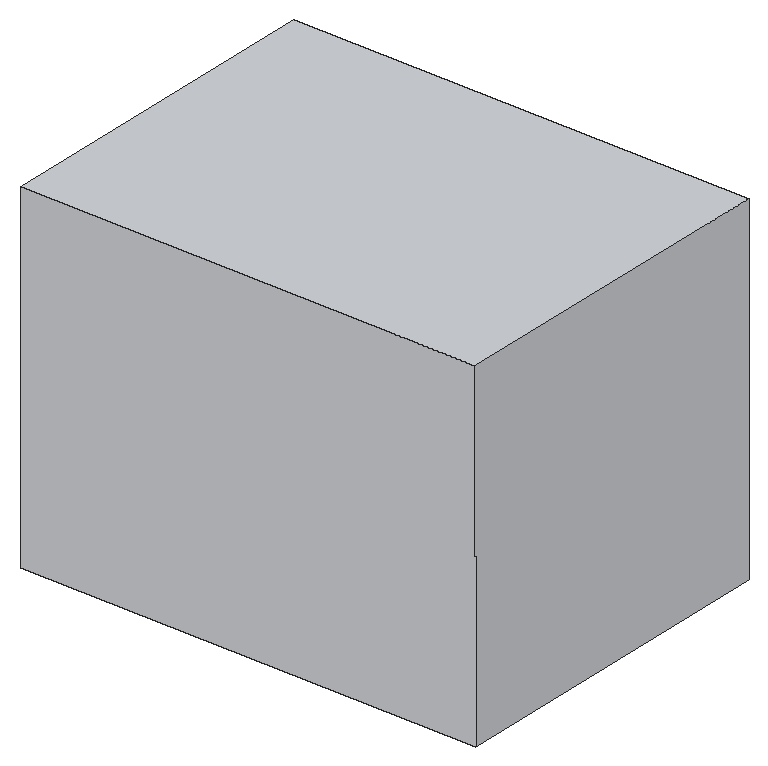
Revit family "M_Rectangular Takeoff", category Duct Fittings, Revit 2014
Parameters (values of type "Standard")
  Duct Width 2 [instance] = 304.8 mm
  Duct Width 1 [instance] = Duct Width 2  # 304.8 mm
  built-in parameter 1114215 [instance] = if(Duct Width 2 > 406.4 mm, Duct Width 2 * Length Multiplier, 101.6 mm)  # 0.33333 (stored number, unit not read)
  Length Multiplier [instance] = 0.25
  Duct Height 2 [instance] = 304.8 mm
  Duct Height 1 [instance] = Duct Height 2  # 304.8 mm
  built-in parameter 1114214 [instance] = 304.8 mm
  built-in parameter 1114213 [instance] = 101.6 mm
  Assembly Code = ""
Reference planes
  plane 1 "Center (Front/Back)": y = 0
  plane 2: z = 0
  plane 3 "Center (Left/Right)": x = 0
  plane 4: x = 101.6
  plane 5: x = -304.8
  plane 6: z = 152.4
  plane 7: z = -152.4
  plane 8: y = -152.4
  plane 9: y = 152.4
Forms (mm)
  Blend 1, solid, detail levels medium+fine
    base sketch origin (0, 0, 0) x (0, 1, 0) y (0, 0, 1)
      loop
        line (-152.4, 152.4) -> (-152.4, -152.4) -> (152.4, -152.4) -> (152.4, 152.4) -> (-152.4, 152.4)
    top sketch origin (0, 0, 0) x (0, 1, 0) y (0, 0, 1)
      loop
        line (-152.4, 152.4) -> (-152.4, -152.4) -> (152.4, -152.4) -> (152.4, 152.4) -> (-152.4, 152.4)
    from 0 to 101.6
  Sweep 2, solid, detail levels medium+fine
    path in 3D
      loop
        line (-304.8, 0, 0) -> (0, 0, 0)
    profile "M_Duct - Rectangular : Duct - Rectangular" origin (-152.4, 0, 0) x (0, 1, 0) y (0, 0, 1)
      loop
        line (-152.4, 152.4) -> (-152.4, -152.4) -> (152.4, -152.4) -> (152.4, 152.4) -> (-152.4, 152.4)
Cuts and joins
  joined: Blend 1, Sweep 2
Lines and regions (mm)
  model lines, style "DuctFitting", not visible, detail levels coarse
    curve 1: line (0, 0, 0) -> (101.6, 0, 0)
  reference lines
    curve 2: line (-304.8, 0, 0) -> (0, 0, 0)
  sketch lines
    curve 3: line (-304.8, 0, 0) -> (0, 0, 0)
Dimensions and locks
  "built-in parameter 1114213": plane 3 "Center (Left/Right)" to plane 4
  "built-in parameter 1114214": plane 5 to plane 3 "Center (Left/Right)"
  equal spacing: plane 6, level, plane 7
  equal spacing: plane 9, plane 1 "Center (Front/Back)", plane 8
  "Duct Width 1": plane 9 to plane 8
  "Duct Height 1": plane 6 to plane 7
  aligned and locked: plane 3 "Center (Left/Right)" to curve 1
  aligned and locked: plane 1 "Center (Front/Back)" to curve 1
  aligned and locked: plane 4 to Blend 1
  aligned and locked: Blend 1 to plane 3 "Center (Left/Right)"
  aligned and locked: plane 3 "Center (Left/Right)" to curve 2
  aligned and locked: plane 5 to curve 2
  aligned and locked: plane 1 "Center (Front/Back)" to curve 2
  aligned and locked: plane 6 to Blend 1 sketch curve  (x2)
  aligned and locked: plane 8 to Blend 1 sketch curve  (x2)
  aligned and locked: Blend 1 sketch curve to plane 7  (x2)
  aligned and locked: Blend 1 sketch curve to plane 9  (x2)
Automatic sketch dimensions
  curve 1 to plane 4 = 0 mm
Connectors
  hvac at (0, 0, 0), driven by "Duct Height 1", driven by "Duct Width 1"
    settings: on plane 3 "Center (Left/Right)", index 0, duct flow 0.0 L/s, flow factor 0, pres drop 0.0 Pa, loss coef 0, conn angle 0.00°, conn width 304.8 mm, conn height 304.8 mm, conn diameter 609.6 mm, duct sys type 28, conn prof type 1, flow config 0, flow direction 0, loss method 0, conn ref index 1, conn util no, is conn primary yes, conn desc ""
  hvac at (101.6, 0, 0), driven by "Duct Height 2", driven by "Duct Width 2"
    settings: on Blend 1, index 1, duct flow 0.0 L/s, flow factor 0, pres drop 0.0 Pa, loss coef 0, conn angle 0.00°, conn width 304.8 mm, conn height 304.8 mm, conn diameter 609.6 mm, duct sys type 28, conn prof type 1, flow config 0, flow direction 0, loss method 0, conn ref index 0, conn util no, is conn primary no, conn desc ""
